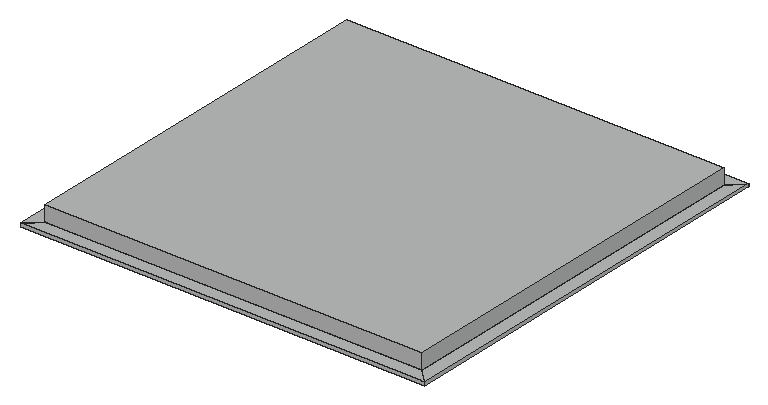
Revit family "AVRORA", category Осветительные приборы, Revit 2019
Family settings
  Размер круглого соединителя = Использовать диаметр
  Тип детали = Нормальный
  На основе рабочей плоскости = Нет
  Всегда вертикально = Нет
  При загрузке вырезать с полостями = Нет
  Источник света = Да
  Общий = Нет
  Точка расчета площади = Да
Parameters (values of type "AVRORA-32/opal-sand 595x595х25 (IP20, 4000К)")
  built-in parameter 1150104 = 13.8 (stored number, unit not read)
  built-in parameter 1150134 = 12
  Файл фотометрической сетки = "Светильник AVRORA-32  OPAL-SAND-(595x595).ies"
  Tilt Angle = 90.00°
  built-in parameter 1150137 = (empty or 0)
  built-in parameter 1150132 = 2
  built-in parameter 1150114 = 1 (stored number, unit not read)
  Dimming Lamp Color Temperature Shift = (empty or 0)
  built-in parameter 1150105 = 278.52 (stored number, unit not read)
  Color Filter = 16777215
  Lumens = 3500 lm
  built-in parameter 1150109 = 1 (stored number, unit not read)
  built-in parameter 1150112 = 1 (stored number, unit not read)
  built-in parameter 1150110 = 1 (stored number, unit not read)
  built-in parameter 1150113 = 1 (stored number, unit not read)
  built-in parameter 1150115 = 1 (stored number, unit not read)
  built-in parameter 1114218 = 1 (stored number, unit not read)
  built-in parameter 1114217 = 1 (stored number, unit not read)
  built-in parameter 1150106 = 2.7852 (stored number, unit not read)
  built-in parameter 1150142 = "IESNA:LM-63-1995\r\n[TEST] Протокол №309/16 от 13.10.2016г. Испытательная лаборатория Государственного предприятия \"ЦСОТ НАН Беларуси\"\r\n[MORE] FFFFFFFD1F2E12BA115213F195F3B3642\r\n[DATA] 12.10.2016\r\n[MANUFAC] ЗАО \"Центрстройсвет\"\r\n[LUMCAT] Светильник AVRORA-32/OPAL-SAND-(595x595)\r\n[LUMINAIRE] \r\n[LAMP] \r\nTILT=NONE\r\n1    -1.0   1.000 46 181 1 2   0.595   0.595   0.025\r\n1.0  1.0   31.20\r\n0.0 2.0 4.0 6.0 8.0 10.0 12.0 14.0 16.0 18.0 20.0 22.0 24.0 26.0 28.0 30.0 32.0 34.0 36.0 38.0 40.0 42.0 44.0 46.0 48.0 50.0 52.0 54.0 56.0 58.0 60.0 62.0 64.0 66.0 68.0 70.0 72.0 74.0 76.0 78.0 80.0 82.0 84.0 86.0 88.0 90.0 \r\n0.0 2.0 4.0 6.0 8.0 10.0 12.0 14.0 16.0 18.0 20.0 22.0 24.0 26.0 28.0 30.0 32.0 34.0 36.0 38.0 40.0 42.0 44.0 46.0 48.0 50.0 52.0 54.0 56.0 58.0 60.0 62.0 64.0 66.0 68.0 70.0 72.0 74.0 76.0 78.0 80.0 82.0 84.0 86.0 88.0 90.0 92.0 94.0 96.0 98.0 100.0 102.0 104.0 106.0 108.0 110.0 112.0 114.0 116.0 118.0 120.0 122.0 124.0 126.0 128.0 130.0 132.0 134.0 136.0 138.0 140.0 142.0 144.0 146.0 148.0 150.0 152.0 154.0 156.0 158.0 160.0 162.0 164.0 166.0 168.0 170.0 172.0 174.0 176.0 178.0 180.0 182.0 184.0 186.0 188.0 190.0 192.0 194.0 196.0 198.0 200.0 202.0 204.0 206.0 208.0 210.0 212.0 214.0 216.0 218.0 220.0 222.0 224.0 226.0 228.0 230.0 232.0 234.0 236.0 238.0 240.0 242.0 244.0 246.0 248.0 250.0 252.0 254.0 256.0 258.0 260.0 262.0 264.0 266.0 268.0 270.0 272.0 274.0 276.0 278.0 280.0 282.0 284.0 286.0 288.0 290.0 292.0 294.0 296.0 298.0 300.0 302.0 304.0 306.0 308.0 310.0 312.0 314.0 316.0 318.0 320.0 322.0 324.0 326.0 328.0 330.0 332.0 334.0 336.0 338.0 340.0 342.0 344.0 346.0 348.0 350.0 352.0 354.0 356.0 358.0 360.0 \r\n1326.000 1325.400 1321.100 1316.400 1309.600 1298.800 1286.600 1272.400 1256.100 1237.700 1217.100 1194.900 1170.200 1145.200 1118.500 1089.600 1059.900 1028.100 995.900 \r\n962.300 927.100 891.300 854.400 817.300 779.100 740.600 700.900 660.600 620.100 579.300 538.100 496.900 455.600 413.900 372.600 331.800 291.800 252.400 214.100 177.100 139.900 \r\n103.500 75.300 45.100 22.500 0.700 \r\n1326.100 1325.600 1322.600 1316.200 1308.800 1298.700 1286.400 1272.300 1255.800 1237.700 1217.100 1195.100 1170.300 1145.600 1118.600 1090.000 1059.500 1028.100 995.800 \r\n962.100 927.000 891.100 854.400 816.800 778.900 740.200 700.700 660.500 620.100 579.300 538.000 496.900 455.200 413.800 372.600 331.700 291.700 252.400 214.100 177.100 139.900 \r\n103.700 75.300 45.100 22.400 0.700 \r\n1325.900 1325.200 1321.700 1315.600 1308.300 1298.500 1286.200 1272.100 1256.100 1237.400 1217.000 1195.300 1171.000 1145.900 1118.900 1089.600 1059.500 1028.000 995.500 \r\n961.900 926.900 890.900 854.100 816.600 778.700 740.200 700.400 660.300 619.900 579.200 538.000 496.800 455.200 413.500 372.300 331.800 291.600 252.400 214.100 177.200 140.000 \r\n103.800 75.300 45.100 22.400 0.800 \r\n1326.100 1325.500 1321.800 1316.500 1308.400 1298.600 1286.100 1272.200 1255.800 1237.300 1217.000 1194.800 1170.100 1145.200 1117.700 1089.400 1059.400 1027.900 995.300 \r\n961.900 926.700 890.900 854.000 817.000 778.400 739.800 700.400 660.300 620.000 579.200 538.000 496.900 455.400 413.700 372.600 331.800 291.600 252.500 214.200 177.300 140.100 \r\n104.000 75.300 45.300 22.400 0.800 \r\n1326.000 1325.400 1321.000 1315.800 1308.200 1298.400 1286.300 1272.300 1255.600 1237.200 1216.900 1194.200 1170.600 1145.000 1117.600 1089.100 1059.100 1027.500 995.300 \r\n961.800 926.500 890.600 854.100 816.500 778.500 739.600 700.300 660.200 619.900 579.200 538.000 496.700 455.300 413.900 372.400 332.100 291.800 252.500 214.200 177.400 140.200 \r\n104.400 75.300 45.300 22.000 0.800 \r\n1326.200 1325.500 1320.300 1316.500 1308.200 1298.500 1286.000 1272.200 1255.400 1237.200 1216.900 1194.200 1170.800 1144.700 1117.400 1089.200 1059.200 1027.500 995.200 \r\n961.400 926.300 890.500 854.000 816.300 778.200 739.600 700.000 660.000 619.700 579.000 537.900 496.600 455.300 413.700 372.500 331.900 291.700 252.500 214.300 177.400 140.300 \r\n104.600 75.300 45.200 21.400 0.800 \r\n1326.400 1325.800 1322.200 1316.600 1308.200 1298.200 1286.000 1272.100 1255.500 1237.000 1216.800 1194.300 1169.800 1145.500 1116.800 1089.000 1059.000 1027.500 994.900 \r\n961.300 926.000 890.500 854.000 815.700 778.600 739.700 700.100 660.200 619.800 578.900 537.800 496.800 455.200 414.100 372.600 331.600 291.900 252.600 214.400 177.500 140.400 \r\n105.000 75.200 44.700 20.800 0.800 \r\n1326.300 1326.400 1320.600 1316.800 1308.200 1298.200 1285.700 1271.700 1255.600 1236.700 1216.500 1194.500 1170.000 1144.300 1117.100 1088.900 1058.600 1027.200 994.500 \r\n961.200 925.800 890.400 853.700 815.900 778.100 740.000 700.000 659.900 619.400 578.800 537.700 496.700 455.300 413.900 372.600 331.900 291.700 252.700 214.400 177.700 140.500 \r\n105.400 75.000 44.300 20.100 0.800 \r\n1326.500 1324.900 1321.600 1316.200 1307.800 1298.000 1285.700 1271.800 1255.300 1236.500 1216.300 1194.200 1170.400 1144.600 1117.400 1088.800 1058.600 1027.000 994.300 \r\n961.000 925.800 890.000 853.500 816.100 777.800 739.700 699.800 659.700 619.400 578.600 537.600 496.600 455.000 413.600 372.700 332.000 291.800 252.800 214.600 177.700 140.600 \r\n105.700 74.300 43.700 19.400 0.800 \r\n1326.300 1325.200 1321.900 1316.400 1307.200 1297.900 1285.700 1271.600 1255.000 1236.800 1216.300 1194.200 1170.300 1144.600 1117.100 1088.500 1058.300 1026.800 994.200 \r\n960.700 925.600 889.700 853.200 815.900 777.500 738.900 699.800 659.700 619.300 578.700 537.700 496.500 454.800 413.800 372.700 332.100 292.100 252.800 214.700 177.800 140.700 \r\n105.600 73.600 43.600 18.700 0.900 \r\n1326.700 1325.600 1321.500 1316.400 1308.600 1298.200 1285.600 1271.700 1254.900 1236.600 1216.200 1194.100 1169.900 1144.500 1116.400 1088.200 1058.200 1026.700 994.100 \r\n960.400 925.600 889.800 853.000 815.700 777.600 739.000 699.700 659.500 619.200 578.700 537.600 496.600 455.000 413.800 372.700 331.900 291.800 252.900 214.700 177.900 140.700 \r\n105.800 73.100 43.400 17.800 0.900 \r\n1326.600 1324.900 1322.300 1315.900 1308.500 1298.100 1285.500 1271.500 1254.900 1236.100 1216.100 1193.300 1169.700 1143.900 1116.800 1088.100 1058.300 1026.500 994.000 \r\n960.100 925.400 889.800 852.900 815.500 777.500 739.000 699.300 659.500 619.100 578.600 537.500 496.500 455.100 413.900 373.100 332.100 292.000 252.900 214.800 177.900 140.600 \r\n105.500 72.000 43.400 17.100 0.900 \r\n1326.500 1325.100 1321.000 1316.400 1308.400 1298.000 1285.300 1271.100 1255.000 1235.900 1215.900 1193.000 1169.800 1144.100 1116.600 1088.000 1058.000 1026.200 993.800 \r\n960.100 925.100 889.700 853.000 815.300 777.100 739.000 699.300 659.400 619.000 578.600 537.500 496.500 455.000 414.100 373.000 332.100 292.100 253.000 214.800 177.900 140.300 \r\n105.000 71.600 43.700 16.400 0.900 \r\n1326.200 1325.000 1322.600 1315.600 1307.600 1297.800 1285.000 1271.000 1254.600 1236.100 1215.600 1193.400 1169.800 1143.900 1116.900 1087.800 1057.900 1026.300 993.600 \r\n960.100 925.100 889.200 852.800 815.500 777.300 738.500 699.100 659.300 619.000 578.400 537.500 496.400 455.100 413.400 372.800 332.500 292.000 253.100 214.900 177.900 139.700 \r\n105.200 70.900 43.500 15.600 0.900 \r\n1326.100 1326.000 1321.700 1315.800 1307.200 1297.800 1285.200 1271.200 1254.500 1236.100 1215.500 1193.900 1169.600 1143.900 1116.000 1087.400 1057.900 1026.300 993.600 \r\n959.800 924.800 889.000 852.600 814.800 777.500 738.900 699.100 659.300 619.000 578.200 537.300 496.400 454.900 414.000 372.900 332.200 292.100 253.100 214.800 177.600 139.200 \r\n104.300 69.500 43.800 14.800 0.900 \r\n1326.300 1325.600 1321.900 1315.800 1307.200 1297.700 1284.900 1271.000 1254.400 1236.100 1215.400 1193.200 1169.000 1144.300 1116.800 1087.400 1057.700 1025.900 993.400 \r\n959.600 924.500 889.000 852.300 815.000 777.200 738.500 698.900 659.300 619.000 578.300 537.400 496.400 454.900 414.000 372.900 332.100 292.100 253.200 214.700 177.000 139.000 \r\n103.700 69.100 43.700 14.100 0.900 \r\n1326.200 1324.200 1322.100 1315.600 1307.100 1297.600 1285.000 1270.700 1254.200 1235.900 1215.400 1193.200 1168.600 1144.400 1116.300 1087.700 1057.300 1025.800 993.200 \r\n959.400 924.600 888.800 852.200 814.800 777.200 738.400 699.200 659.300 618.900 578.200 537.400 496.400 455.100 413.600 372.700 332.400 292.200 253.100 214.400 176.300 138.500 \r\n104.300 68.600 43.500 13.500 0.900 \r\n1326.200 1324.500 1322.200 1315.900 1308.000 1297.900 1285.100 1270.800 1253.900 1235.800 1215.500 1193.000 1168.400 1143.200 1115.400 1087.100 1057.500 1025.600 992.900 \r\n959.300 924.500 888.600 852.200 813.900 776.800 738.300 698.800 659.100 619.000 578.400 537.200 496.200 455.100 413.800 372.400 332.200 292.100 252.800 213.900 175.900 137.600 \r\n102.800 67.300 43.300 12.900 1.000 \r\n1326.300 1324.100 1321.800 1315.900 1308.000 1297.700 1285.000 1270.800 1254.000 1235.700 1215.200 1193.200 1168.700 1143.200 1115.300 1087.500 1056.900 1025.600 993.000 \r\n959.100 924.300 888.700 852.300 814.900 776.600 738.100 698.600 658.900 619.000 578.100 537.100 496.200 455.100 413.700 372.600 332.100 291.800 252.600 213.100 175.700 137.000 \r\n102.500 67.400 42.600 12.400 1.000 \r\n1326.200 1325.200 1322.200 1315.200 1307.200 1297.700 1284.800 1270.600 1254.000 1235.500 1215.100 1192.400 1168.600 1143.900 1115.200 1087.200 1056.600 1025.300 992.800 \r\n959.000 924.200 888.700 852.000 814.600 776.700 738.000 698.500 658.900 618.900 578.000 537.100 496.300 454.900 413.900 372.900 332.100 291.300 252.000 212.400 175.300 136.900 \r\n102.500 67.100 41.400 12.200 1.000 \r\n1326.100 1325.500 1321.200 1314.300 1307.500 1297.600 1284.800 1270.200 1253.900 1235.600 1214.700 1192.200 1168.300 1142.500 1115.000 1086.600 1056.600 1024.900 992.600 \r\n959.000 924.000 888.500 851.900 814.300 776.700 737.800 698.700 658.800 618.900 577.900 537.000 496.200 454.900 413.800 372.700 332.000 290.800 251.200 211.800 174.400 136.700 \r\n102.500 66.900 40.800 12.600 1.000 \r\n1326.200 1325.300 1321.600 1314.700 1307.200 1297.200 1284.800 1270.200 1253.800 1235.600 1214.500 1192.600 1168.300 1143.200 1115.200 1087.000 1056.400 1025.200 992.400 \r\n959.000 924.000 888.200 851.500 814.100 776.100 737.700 698.600 658.800 618.800 578.000 537.000 496.200 454.800 413.700 372.500 331.700 290.500 250.400 211.500 173.300 136.300 \r\n102.200 67.000 39.700 12.700 1.000 \r\n1326.400 1324.700 1322.100 1314.600 1307.300 1297.400 1284.700 1270.400 1253.600 1235.200 1214.300 1191.900 1168.100 1142.600 1115.000 1086.600 1056.100 1025.100 992.300 \r\n958.800 924.000 888.100 851.600 815.000 776.700 737.700 698.400 658.700 618.900 578.000 536.900 496.100 454.900 413.500 372.700 331.600 290.300 249.600 211.200 172.800 135.100 \r\n101.200 67.600 38.800 12.500 1.000 \r\n1326.000 1324.700 1321.500 1315.300 1307.200 1297.300 1284.700 1270.400 1253.800 1234.800 1214.200 1191.900 1168.200 1142.000 1114.900 1086.200 1056.300 1025.000 992.300 \r\n958.400 923.900 888.300 851.500 814.200 776.600 737.300 698.300 658.700 618.600 577.800 536.800 496.000 454.800 413.500 372.400 331.400 290.000 249.000 210.700 171.600 134.100 \r\n100.400 67.700 37.700 11.800 1.000 \r\n1326.200 1325.000 1321.200 1315.800 1307.700 1297.000 1284.700 1270.000 1253.200 1235.000 1214.400 1192.500 1168.100 1141.800 1115.500 1086.300 1056.200 1024.700 992.100 \r\n958.400 923.600 887.900 851.100 813.700 775.800 737.500 698.300 658.500 618.600 577.700 536.700 495.900 454.800 413.200 372.400 331.200 289.300 248.100 209.700 170.300 133.900 \r\n100.200 67.900 36.800 11.100 1.100 \r\n1326.500 1324.900 1321.300 1316.000 1307.400 1296.700 1284.600 1269.900 1253.300 1235.000 1214.200 1191.500 1167.900 1142.100 1114.400 1086.200 1056.000 1024.600 992.100 \r\n958.600 923.400 888.100 851.100 813.800 776.400 737.800 698.000 658.500 618.300 577.600 536.800 496.000 454.700 413.500 372.300 330.700 288.600 247.300 209.000 170.000 133.700 \r\n99.900 67.200 36.000 10.300 1.100 \r\n1326.200 1324.600 1321.400 1315.300 1307.200 1296.800 1284.400 1269.700 1253.300 1234.500 1214.100 1192.100 1167.800 1141.700 1114.500 1086.200 1055.700 1024.600 992.000 \r\n958.300 923.400 887.800 851.100 813.700 776.700 737.400 698.100 658.400 618.400 577.700 536.700 495.900 454.700 413.100 372.000 330.400 287.700 247.100 208.200 169.500 133.500 \r\n99.700 67.000 35.000 9.700 1.100 \r\n1326.200 1325.200 1321.500 1315.800 1308.000 1297.000 1284.400 1269.800 1253.100 1234.800 1214.100 1192.100 1167.900 1142.200 1114.700 1086.000 1055.800 1024.600 992.000 \r\n958.200 923.300 887.700 851.100 813.300 775.900 737.400 698.500 658.400 618.300 577.800 536.600 495.900 454.600 413.300 372.100 329.600 287.500 247.300 207.700 168.100 133.300 \r\n99.400 66.900 34.500 9.200 1.100 \r\n1326.100 1325.200 1321.000 1316.000 1307.100 1296.500 1284.200 1269.400 1253.000 1234.900 1213.800 1191.800 1167.600 1142.100 1114.600 1086.100 1056.000 1024.300 991.800 \r\n957.900 923.200 888.000 851.100 813.500 776.100 737.600 698.300 658.300 618.100 577.700 536.800 495.800 454.500 413.200 371.600 328.800 287.300 247.400 206.300 167.000 132.900 98.900 \r\n66.800 34.300 8.800 1.000 \r\n1326.100 1324.600 1321.200 1316.000 1307.100 1296.200 1284.200 1269.600 1252.900 1234.300 1213.700 1191.600 1167.500 1141.600 1114.500 1085.700 1055.800 1024.100 991.600 \r\n958.000 923.200 887.800 851.100 813.400 775.800 737.100 698.100 658.300 618.100 577.500 536.600 495.800 454.500 412.500 371.000 328.000 286.900 246.900 205.800 166.200 131.800 97.600 \r\n66.600 34.500 7.600 1.000 \r\n1326.300 1324.000 1321.700 1315.800 1305.900 1296.500 1284.000 1269.700 1252.500 1234.300 1213.700 1191.200 1167.400 1141.800 1114.500 1085.600 1055.600 1024.200 991.500 \r\n958.100 923.000 887.600 850.900 813.300 775.700 737.200 697.700 658.200 618.100 577.600 536.600 495.800 454.400 412.700 370.300 327.300 286.600 246.100 206.000 165.500 130.100 97.000 \r\n66.100 34.500 7.200 1.000 \r\n1325.900 1323.900 1321.100 1314.900 1307.000 1296.700 1284.300 1269.600 1252.700 1233.900 1213.500 1191.300 1167.400 1141.200 1114.500 1085.700 1055.700 1024.000 991.600 \r\n957.900 922.900 887.800 850.800 813.600 775.800 737.100 697.800 658.100 618.100 577.500 536.500 495.600 454.400 412.200 369.800 326.800 286.500 245.400 206.900 164.100 129.500 96.600 \r\n65.500 34.600 7.500 1.000 \r\n1326.200 1323.800 1321.600 1315.100 1307.000 1296.600 1284.000 1269.400 1252.700 1233.900 1213.200 1190.900 1167.400 1141.300 1113.200 1085.500 1055.600 1024.200 991.600 \r\n957.500 923.000 887.100 850.600 813.500 775.100 737.000 697.400 658.100 617.900 577.500 536.500 495.500 454.000 412.100 368.700 326.300 286.000 244.900 206.800 164.200 128.900 96.100 \r\n64.900 34.800 7.200 0.900 \r\n1326.300 1324.800 1321.100 1315.300 1306.400 1296.200 1283.600 1269.400 1252.900 1234.400 1213.300 1191.100 1167.000 1141.500 1113.300 1085.100 1055.300 1023.800 991.600 \r\n957.400 922.900 887.700 850.600 813.600 775.800 736.900 697.800 658.000 618.000 577.400 536.400 495.600 454.000 411.900 368.000 325.900 285.900 244.600 206.400 165.400 127.700 95.500 \r\n64.400 34.600 7.000 0.900 \r\n1326.300 1325.300 1321.300 1315.000 1307.400 1296.200 1283.600 1269.300 1252.600 1234.000 1213.300 1191.500 1167.000 1141.100 1114.000 1085.100 1055.100 1023.500 991.600 \r\n957.300 922.500 887.100 850.500 813.500 775.700 737.000 697.600 658.000 617.900 577.200 536.400 495.400 453.900 411.200 367.800 325.900 285.600 244.400 206.000 165.500 128.000 94.400 \r\n63.900 34.300 6.600 0.800 \r\n1326.500 1324.700 1321.400 1315.100 1307.000 1296.300 1284.000 1269.100 1252.200 1233.700 1213.400 1191.300 1166.700 1140.800 1113.900 1085.000 1055.300 1023.500 991.300 \r\n957.600 922.500 887.000 850.400 813.400 775.700 737.000 697.900 657.900 617.800 577.200 536.300 495.400 453.700 411.000 367.500 325.700 285.100 244.000 205.000 165.400 128.400 93.500 \r\n63.300 34.000 5.000 0.800 \r\n1326.500 1324.400 1321.500 1315.100 1306.800 1296.400 1284.100 1269.200 1251.900 1233.700 1213.200 1190.900 1166.800 1140.900 1113.500 1084.900 1055.300 1023.500 991.000 \r\n957.500 922.200 887.100 850.300 813.000 775.100 736.800 697.800 657.800 617.600 577.300 536.400 495.300 453.500 410.300 367.400 325.600 284.400 243.600 204.000 165.000 128.500 93.800 \r\n62.400 33.800 5.100 0.80
